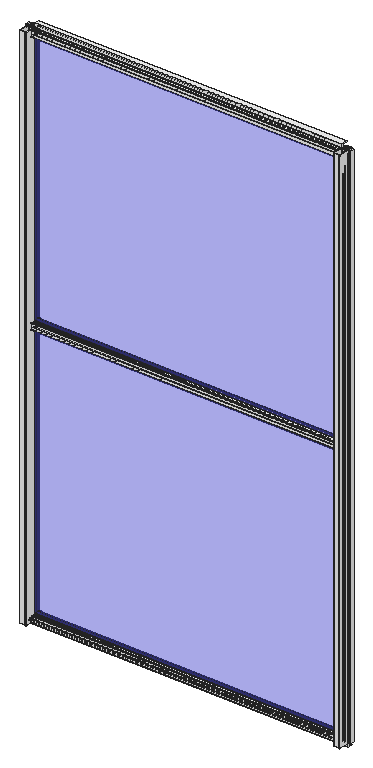
Revit family "Facade_60_Curtain_Wall_E12_Standard", category Windows, host Wall, Revit 2014 (continued)
Definition of nested family "F60 Horizontal Profile Middle_E12_Std"
  Forms (mm)
    Extrusion 5, solid, material <- "Thermal Break Material", visible <- "Single Glazing"
      sketch origin (0, 0, 0) x (0, 1, 0) y (0, 0, 1)
        loop
          line (-59.794, 28.506) -> (-59.006, 29.294)
          arc (-59.006, 29.294) -> (-58.788, 29.618) -> (-58.713, 30.001) r 0.986
          arc (-58.713, 30.001) -> (-58.79, 30.384) -> (-59.008, 30.71) r 1.007
          line (-59.008, 30.71) -> (-59.794, 31.496) -> (-60.65, 31.496)
          arc (-60.65, 31.496) -> (-61.004, 31.349) -> (-61.15, 30.996) r 0.5
          line (-61.15, 30.996) -> (-61.15, 29.006)
          arc (-61.15, 29.006) -> (-61.004, 28.652) -> (-60.65, 28.506) r 0.5
          line (-60.65, 28.506) -> (-59.794, 28.506)
        loop
          line (-47.854, 30.898) -> (-49.415, 31.653) -> (-56.782, 31.653)
          arc (-56.782, 31.653) -> (-57.207, 31.417) -> (-57.23, 30.932) r 0.5
          arc (-57.23, 30.932) -> (-57.013, 30.001) -> (-57.23, 29.07) r 2.099
          arc (-57.23, 29.07) -> (-57.207, 28.584) -> (-56.782, 28.348) r 0.5
          line (-56.782, 28.348) -> (-49.415, 28.348) -> (-48.055, 29.007)
          arc (-48.055, 29.007) -> (-47.35, 29.888) -> (-47.854, 30.898) r 1.047
      from 0 to 250 <- "Length"
    Extrusion 6, solid, material <- "Profile Material", visible <- "Single Glazing"
      sketch origin (0, 0, 0) x (0, 1, 0) y (0, 0, 1)
        loop
          line (-63.8, 52.694) -> (-64.8, 52.694) -> (-64.8, 51.544) -> (-66.05, 51.544) -> (-66.05, 57.044) -> (-64.8, 57.044) -> (-64.8, 55.894) -> (-63.8, 55.894) -> (-63.8, 58.294)
          arc (-63.8, 58.294) -> (-64.082, 58.803) -> (-64.664, 58.835) r 0.6
          line (-64.664, 58.835) -> (-66.562, 57.91) -> (-67.088, 58.988) -> (-68.05, 58.519) -> (-68.05, 48.513)
          arc (-68.05, 48.513) -> (-67.874, 48.089) -> (-67.45, 47.913) r 0.6
          line (-67.45, 47.913) -> (-66.6, 47.913) -> (-66.6, 12.09) -> (-67.45, 12.09)
          arc (-67.45, 12.09) -> (-67.874, 11.914) -> (-68.05, 11.49) r 0.6
          line (-68.05, 11.49) -> (-68.05, 1.485) -> (-67.088, 1.016) -> (-66.562, 2.095) -> (-64.663, 1.169)
          arc (-64.663, 1.169) -> (-64.082, 1.2) -> (-63.8, 1.709) r 0.6
          line (-63.8, 1.709) -> (-63.8, 4.109) -> (-64.8, 4.109) -> (-64.8, 2.959) -> (-66.05, 2.959) -> (-66.05, 8.459) -> (-64.8, 8.459) -> (-64.8, 7.309) -> (-63.8, 7.309) -> (-63.8, 27.674) -> (-62.4, 28.483) -> (-62.4, 31.521) -> (-63.8, 32.329) -> (-63.8, 52.694)
      from 0 to 250 <- "Length"
    Extrusion 7, solid, material <- "Profile Material", visible <- "Single Glazing"
      sketch origin (0, 0, 0) x (0, 1, 0) y (0, 0, 1)
        loop
          line (-68.551, 3.3) -> (-76.559, 3.3) -> (-76.559, 30) -> (-76.559, 56.15)
          arc (-76.559, 56.15) -> (-75.739, 58.13) -> (-73.759, 58.95) r 2.8
          line (-73.759, 58.95) -> (-69.151, 58.95) -> (-69.151, 57.2)
          arc (-69.151, 57.2) -> (-68.987, 56.829) -> (-68.601, 56.703) r 0.5
          arc (-68.601, 56.703) -> (-68.216, 56.829) -> (-68.051, 57.2) r 0.5
          line (-68.051, 57.2) -> (-68.051, 58.517) -> (-67.089, 58.986) -> (-66.563, 57.907) -> (-63.866, 59.222)
          arc (-63.866, 59.222) -> (-64.001, 59.762) -> (-64.504, 60) r 0.65
          line (-64.504, 60) -> (-73.859, 60)
          arc (-73.859, 60) -> (-76.687, 58.828) -> (-77.859, 56) r 4
          line (-77.859, 56) -> (-77.859, 30) -> (-77.859, 2.493)
          arc (-77.859, 2.493) -> (-77.197, 0.799) -> (-75.562, 0.002) r 2.5
          arc (-75.562, 0.002) -> (-75.182, 0.132) -> (-75.021, 0.5) r 0.5
          line (-75.021, 0.5) -> (-75.021, 2) -> (-69.151, 2) -> (-69.151, 0.5)
          arc (-69.151, 0.5) -> (-69.005, 0.146) -> (-68.651, 0) r 0.5
          line (-68.651, 0) -> (-64.504, 0)
          arc (-64.504, 0) -> (-64.001, 0.238) -> (-63.866, 0.778) r 0.65
          line (-63.866, 0.778) -> (-66.563, 2.093) -> (-67.089, 1.014) -> (-68.051, 1.483) -> (-68.051, 2.8)
          arc (-68.051, 2.8) -> (-68.198, 3.154) -> (-68.551, 3.3) r 0.5
      from 0 to 250 <- "Length"
    Extrusion 8, solid, material <- "Thermal Break Material", visible <- "Double Glazing"
      sketch origin (0, 0, 0) x (0, 1, 0) y (0, 0, 1)
        loop
          line (-77.8, 27.673) -> (-77.8, 25.751)
          arc (-77.8, 25.751) -> (-77.654, 25.397) -> (-77.3, 25.251) r 0.5
          line (-77.3, 25.251) -> (-59.8, 25.251)
          arc (-59.8, 25.251) -> (-59.446, 25.397) -> (-59.3, 25.751) r 0.5
          line (-59.3, 25.751) -> (-59.3, 27.647) -> (-49.599, 27.647) -> (-47.528, 28.649)
          arc (-47.528, 28.649) -> (-46.803, 29.999) -> (-47.528, 31.349) r 1.62
          line (-47.528, 31.349) -> (-49.602, 32.353) -> (-59.3, 32.353) -> (-59.3, 34.251)
          arc (-59.3, 34.251) -> (-59.446, 34.604) -> (-59.8, 34.751) r 0.5
          line (-59.8, 34.751) -> (-77.3, 34.751)
          arc (-77.3, 34.751) -> (-77.654, 34.604) -> (-77.8, 34.251) r 0.5
          line (-77.8, 34.251) -> (-77.8, 32.327) -> (-76.4, 31.52) -> (-76.4, 28.482) -> (-77.8, 27.673)
        loop
          line (-59.006, 30.708) -> (-61.156, 32.858)
          arc (-61.156, 32.858) -> (-61.48, 33.074) -> (-61.863, 33.151) r 1
          line (-61.863, 33.151) -> (-73.8, 33.151)
          arc (-73.8, 33.151) -> (-74.507, 32.858) -> (-74.8, 32.151) r 1
          line (-74.8, 32.151) -> (-74.8, 27.851)
          arc (-74.8, 27.851) -> (-74.507, 27.144) -> (-73.8, 26.851) r 1
          line (-73.8, 26.851) -> (-61.863, 26.851)
          arc (-61.863, 26.851) -> (-61.48, 26.927) -> (-61.156, 27.144) r 1
          line (-61.156, 27.144) -> (-59.006, 29.294)
          arc (-59.006, 29.294) -> (-58.788, 29.618) -> (-58.713, 30.001) r 0.986
          arc (-58.713, 30.001) -> (-58.79, 30.383) -> (-59.006, 30.708) r 1.007
        loop
          line (-56.782, 28.347) -> (-49.415, 28.347) -> (-48.055, 29.005)
          arc (-48.055, 29.005) -> (-47.35, 29.887) -> (-47.854, 30.896) r 1.047
          line (-47.854, 30.896) -> (-49.415, 31.652) -> (-56.782, 31.652)
          arc (-56.782, 31.652) -> (-57.207, 31.416) -> (-57.23, 30.93) r 0.5
          arc (-57.23, 30.93) -> (-57.013, 29.999) -> (-57.23, 29.068) r 2.099
          arc (-57.23, 29.068) -> (-57.207, 28.583) -> (-56.782, 28.347) r 0.5
      from 0 to 250 <- "Length"
    Extrusion 9, solid, material <- "Profile Material", visible <- "Double Glazing"
      sketch origin (0, 0, 0) x (0, 1, 0) y (0, 0, 1)
        loop
          line (-77.8, 52.694) -> (-78.8, 52.694) -> (-78.8, 51.544) -> (-80.05, 51.544) -> (-80.05, 57.044) -> (-78.8, 57.044) -> (-78.8, 55.894) -> (-77.8, 55.894) -> (-77.8, 58.294)
          arc (-77.8, 58.294) -> (-78.082, 58.802) -> (-78.664, 58.834) r 0.6
          line (-78.664, 58.834) -> (-80.562, 57.909) -> (-81.088, 58.988) -> (-82.05, 58.518) -> (-82.05, 48.512)
          arc (-82.05, 48.512) -> (-81.874, 48.088) -> (-81.45, 47.912) r 0.6
          line (-81.45, 47.912) -> (-80.6, 47.912) -> (-80.6, 12.089) -> (-81.45, 12.089)
          arc (-81.45, 12.089) -> (-81.874, 11.913) -> (-82.05, 11.489) r 0.6
          line (-82.05, 11.489) -> (-82.05, 1.484) -> (-81.088, 1.015) -> (-80.562, 2.094) -> (-78.663, 1.169)
          arc (-78.663, 1.169) -> (-78.082, 1.199) -> (-77.8, 1.708) r 0.6
          line (-77.8, 1.708) -> (-77.8, 4.108) -> (-78.8, 4.108) -> (-78.8, 2.958) -> (-80.05, 2.958) -> (-80.05, 8.458) -> (-78.8, 8.458) -> (-78.8, 7.308) -> (-77.8, 7.308) -> (-77.8, 27.673) -> (-76.4, 28.482) -> (-76.4, 31.52) -> (-77.8, 32.328) -> (-77.8, 52.694)
      from 0 to 250 <- "Length"
    Extrusion 10, solid, material <- "Profile Material", visible <- "Double Glazing"
      sketch origin (0, 0, 0) x (0, 1, 0) y (0, 0, 1)
        loop
          line (-82.551, 3.3) -> (-90.558, 3.3) -> (-90.558, 30) -> (-90.558, 56.15)
          arc (-90.558, 56.15) -> (-89.738, 58.13) -> (-87.758, 58.95) r 2.8
          line (-87.758, 58.95) -> (-83.151, 58.95) -> (-83.151, 57.2)
          arc (-83.151, 57.2) -> (-82.986, 56.829) -> (-82.601, 56.703) r 0.5
          arc (-82.601, 56.703) -> (-82.215, 56.829) -> (-82.051, 57.2) r 0.5
          line (-82.051, 57.2) -> (-82.051, 58.517) -> (-81.088, 58.986) -> (-80.563, 57.907) -> (-77.866, 59.222)
          arc (-77.866, 59.222) -> (-78, 59.762) -> (-78.503, 60) r 0.65
          line (-78.503, 60) -> (-87.858, 60)
          arc (-87.858, 60) -> (-90.687, 58.828) -> (-91.858, 56) r 4
          line (-91.858, 56) -> (-91.858, 30) -> (-91.858, 2.493)
          arc (-91.858, 2.493) -> (-91.196, 0.799) -> (-89.561, 0.002) r 2.5
          arc (-89.561, 0.002) -> (-89.182, 0.132) -> (-89.021, 0.5) r 0.5
          line (-89.021, 0.5) -> (-89.021, 2) -> (-83.151, 2) -> (-83.151, 0.5)
          arc (-83.151, 0.5) -> (-83.004, 0.146) -> (-82.651, 0) r 0.5
          line (-82.651, 0) -> (-78.503, 0)
          arc (-78.503, 0) -> (-78, 0.238) -> (-77.866, 0.778) r 0.65
          line (-77.866, 0.778) -> (-80.563, 2.093) -> (-81.088, 1.014) -> (-82.051, 1.483) -> (-82.051, 2.8)
          arc (-82.051, 2.8) -> (-82.197, 3.154) -> (-82.551, 3.3) r 0.5
      from 0 to 250 <- "Length"
  Dimensions and locks
    aligned and locked: level to plane 2
Types (49, lengths in mm): name | Windload Design | Width | Vertical Profile Length | Quarter Expansion Break | Overall Width | Overall Height | Mid Transom Bottom Gap | Max Pane Area | Sill Length | Length Sill | Intruderprufe U Value | Intruderprufe SHGC Value | Intruderprufe LowE U Value | Intruderprufe LowE SHGC Value | Intruderprufe Insulated U Value | Intruderprufe Insulated SHGC Value | Intruderprufe Insulated LowE U Value | Intruderprufe Insulated LowE SHGC Value | Horizontal Profile Length | Glazing Width | Glazing Height | Glazing Gap SG | Glazing Gap DG | DG Thickness Calc | DG Thickness | Height | SG Thickness | Custom Curtain Wall Width | Custom Curtain Wall Height | Custom Windload
  (no name) | 1000 | 2990 | 4960 | no | 2990 | 4990 | 2480 | 7.07344 m² | 2990 | 2990 | 5.76 | 0.744 | 3.99 | 0.651 | 2.91 | 0.639 | 0.22 | 0.576 | 2870 | 2910.4 | 2430.4 | 2 | 2 | 10 | 6 | 4990 | 10 | 2990 | 4990 | 1000
  F60-E12-0925-1000Pa | 1000 | 890 | 2460 | no | 1000 | 3000 | 1230 | 0.956596 m² | 890 | 890 | 5.75 | 0.646 | 4.51 | 0.567 | 3.27 | 0.558 | 2.7 | 0.503 | 770 | 810.4 | 1180.4 | 5 | 4 | 4 | 4 | 2490 | 4 | 890 | 2490 | 1000
  F60-E12-0925-1500Pa | 1500 | 890 | 2460 | no | 1000 | 3000 | 1230 | 0.956596 m² | 890 | 890 | 5.75 | 0.646 | 4.51 | 0.567 | 3.27 | 0.558 | 2.7 | 0.503 | 770 | 810.4 | 1180.4 | 5 | 4 | 4 | 4 | 2490 | 4 | 890 | 2490 | 1500
  F60-E12-0925-2000Pa | 2000 | 890 | 2460 | no | 1000 | 3000 | 1230 | 0.956596 m² | 890 | 890 | 5.75 | 0.646 | 4.51 | 0.567 | 3.27 | 0.558 | 2.7 | 0.503 | 770 | 810.4 | 1180.4 | 5 | 4 | 4 | 4 | 2490 | 4 | 890 | 2490 | 2000
  F60-E12-1225-1000Pa | 1000 | 1190 | 2460 | no | 1000 | 3000 | 1230 | 1.31072 m² | 1190 | 1190 | 5.76 | 0.67 | 4.4 | 0.587 | 3.19 | 0.578 | 2.58 | 0.521 | 1070 | 1110.4 | 1180.4 | 5 | 4 | 4 | 4 | 2490 | 4 | 1190 | 2490 | 1000
  F60-E12-1225-1500Pa | 1500 | 1190 | 2460 | no | 1000 | 3000 | 1230 | 1.31072 m² | 1190 | 1190 | 5.76 | 0.67 | 4.4 | 0.587 | 3.19 | 0.578 | 2.58 | 0.521 | 1070 | 1110.4 | 1180.4 | 5 | 4 | 4 | 4 | 2490 | 4 | 1190 | 2490 | 1500
  F60-E12-1225-2000Pa | 2000 | 1190 | 2460 | no | 1000 | 3000 | 1230 | 1.31072 m² | 1190 | 1190 | 5.76 | 0.67 | 4.4 | 0.587 | 3.19 | 0.578 | 2.58 | 0.521 | 1070 | 1110.4 | 1180.4 | 5 | 4 | 4 | 4 | 2490 | 4 | 1190 | 2490 | 2000
  F60-E12-1525-1000Pa | 1000 | 1490 | 2460 | no | 1000 | 3000 | 1230 | 1.66484 m² | 1490 | 1490 | 5.76 | 0.684 | 4.33 | 0.6 | 3.14 | 0.59 | 2.51 | 0.532 | 1370 | 1410.4 | 1180.4 | 4.5 | 4 | 4 | 4 | 2490 | 5 | 1490 | 2490 | 1000
  F60-E12-1525-1500Pa | 1500 | 1490 | 2460 | no | 1000 | 3000 | 1230 | 1.66484 m² | 1490 | 1490 | 5.76 | 0.684 | 4.33 | 0.6 | 3.14 | 0.59 | 2.51 | 0.532 | 1370 | 1410.4 | 1180.4 | 4.5 | 4 | 4 | 4 | 2490 | 5 | 1490 | 2490 | 1500
  F60-E12-1525-2000Pa | 2000 | 1490 | 2460 | no | 1000 | 3000 | 1230 | 1.66484 m² | 1490 | 1490 | 5.76 | 0.684 | 4.33 | 0.6 | 3.14 | 0.59 | 2.51 | 0.532 | 1370 | 1410.4 | 1180.4 | 4.5 | 4 | 4 | 4 | 2490 | 5 | 1490 | 2490 | 2000
  F60-E12-1825-1000Pa | 1000 | 1790 | 2460 | no | 1000 | 3000 | 1230 | 2.01896 m² | 1790 | 1790 | 5.77 | 0.694 | 4.28 | 0.608 | 3.11 | 0.598 | 2.47 | 0.539 | 1670 | 1710.4 | 1180.4 | 4.5 | 4 | 4 | 4 | 2490 | 5 | 1790 | 2490 | 1000
  F60-E12-1825-1500Pa | 1500 | 1790 | 2460 | no | 1000 | 3000 | 1230 | 2.01896 m² | 1790 | 1790 | 5.77 | 0.694 | 4.28 | 0.608 | 3.11 | 0.598 | 2.47 | 0.539 | 1670 | 1710.4 | 1180.4 | 4.5 | 4 | 4 | 4 | 2490 | 5 | 1790 | 2490 | 1500
  F60-E12-1825-2000Pa | 2000 | 1790 | 2460 | no | 1000 | 3000 | 1230 | 2.01896 m² | 1790 | 1790 | 5.77 | 0.694 | 4.28 | 0.608 | 3.11 | 0.598 | 2.47 | 0.539 | 1670 | 1710.4 | 1180.4 | 4.5 | 4 | 4 | 4 | 2490 | 5 | 1790 | 2490 | 2000
  F60-E12-2125-1000Pa | 1000 | 2090 | 2460 | no | 1000 | 3000 | 1230 | 2.37308 m² | 2090 | 2090 | 5.77 | 0.7 | 4.25 | 0.614 | 3.08 | 0.603 | 2.44 | 0.544 | 1970 | 2010.4 | 1180.4 | 3.8 | 3 | 5 | 5 | 2490 | 6.4 | 2090 | 2490 | 1000
  F60-E12-2125-1500Pa | 1500 | 2090 | 2460 | no | 1000 | 3000 | 1230 | 2.37308 m² | 2090 | 2090 | 5.77 | 0.7 | 4.25 | 0.614 | 3.08 | 0.603 | 2.44 | 0.544 | 1970 | 2010.4 | 1180.4 | 3.8 | 3 | 5 | 5 | 2490 | 6.4 | 2090 | 2490 | 1500
  F60-E12-2125-2000Pa | 2000 | 2090 | 2460 | no | 1000 | 3000 | 1230 | 2.37308 m² | 2090 | 2090 | 5.77 | 0.7 | 4.25 | 0.614 | 3.08 | 0.603 | 2.44 | 0.544 | 1970 | 2010.4 | 1180.4 | 3.8 | 3 | 5 | 5 | 2490 | 6.4 | 2090 | 2490 | 2000
  F60-E12-2425-1000Pa | 1000 | 2390 | 2460 | no | 1000 | 3000 | 1230 | 2.7272 m² | 2390 | 2390 | 5.77 | 0.706 | 4.23 | 0.618 | 3.07 | 0.607 | 2.41 | 0.547 | 2270 | 2310.4 | 1180.4 | 3.8 | 3 | 5 | 5 | 2490 | 6.4 | 2390 | 2490 | 1000
  F60-E12-2425-1500Pa | 1500 | 2390 | 2460 | no | 1000 | 3000 | 1230 | 2.7272 m² | 2390 | 2390 | 5.77 | 0.706 | 4.23 | 0.618 | 3.07 | 0.607 | 2.41 | 0.547 | 2270 | 2310.4 | 1180.4 | 3.8 | 3 | 5 | 5 | 2490 | 6.4 | 2390 | 2490 | 1500
  F60-E12-2425-2000Pa | 2000 | 2390 | 2460 | no | 1000 | 3000 | 1230 | 2.7272 m² | 2390 | 2390 | 5.77 | 0.706 | 4.23 | 0.618 | 3.07 | 0.607 | 2.41 | 0.547 | 2270 | 2310.4 | 1180.4 | 3.8 | 3 | 5 | 5 | 2490 | 6.4 | 2390 | 2490 | 2000
  F60-E12-2725-1000Pa | 1000 | 2690 | 2460 | no | 1000 | 3000 | 1230 | 3.08132 m² | 2690 | 2690 | 5.77 | 0.7063 | 4.23 | 0.618 | 3.07 | 0.607 | 2.41 | 0.547 | 2570 | 2610.4 | 1180.4 | 3 | 3 | 5 | 5 | 2490 | 8 | 2690 | 2490 | 1000
  F60-E12-2725-1500Pa | 1500 | 2690 | 2460 | no | 1000 | 3000 | 1230 | 3.08132 m² | 2690 | 2690 | 5.77 | 0.7063 | 4.23 | 0.618 | 3.07 | 0.607 | 2.41 | 0.547 | 2570 | 2610.4 | 1180.4 | 3 | 3 | 5 | 5 | 2490 | 8 | 2690 | 2490 | 1500
  F60-E12-2725-2000Pa | 2000 | 2690 | 2460 | no | 1000 | 3000 | 1230 | 3.08132 m² | 2690 | 2690 | 5.77 | 0.7063 | 4.23 | 0.618 | 3.07 | 0.607 | 2.41 | 0.547 | 2570 | 2610.4 | 1180.4 | 3 | 3 | 5 | 5 | 2490 | 8 | 2690 | 2490 | 2000
  F60-E12-3025-1000Pa | 1000 | 2990 | 2460 | no | 1000 | 3000 | 1230 | 3.43544 m² | 2990 | 2990 | 5.77 | 0.713 | 4.2 | 0.624 | 3.04 | 0.613 | 2.38 | 0.553 | 2870 | 2910.4 | 1180.4 | 3 | 2 | 6 | 6 | 2490 | 8 | 2990 | 2490 | 1000
  F60-E12-3025-1500Pa | 1500 | 2990 | 2460 | no | 1000 | 3000 | 1230 | 3.43544 m² | 2990 | 2990 | 5.77 | 0.713 | 4.2 | 0.624 | 3.04 | 0.613 | 2.38 | 0.553 | 2870 | 2910.4 | 1180.4 | 3 | 2 | 6 | 6 | 2490 | 8 | 2990 | 2490 | 1500
  F60-E12-3025-2000Pa | 2000 | 2990 | 2460 | no | 2990 | 2490 | 1230 | 3.43544 m² | 2990 | 2990 | 5.77 | 0.713 | 4.2 | 0.624 | 3.04 | 0.613 | 2.38 | 0.553 | 2870 | 2910.4 | 1180.4 | 3 | 2 | 6 | 6 | 2490 | 8 | 2990 | 2490 | 2000
  F60-E12-0950-1000Pa | 1000 | 890 | 4960 | no | 1000 | 3000 | 2480 | 1.9696 m² | 890 | 890 | 5.73 | 0.674 | 4.35 | 0.591 | 3.16 | 0.581 | 2.55 | 0.524 | 770 | 810.4 | 2430.4 | 4.5 | 4 | 4 | 4 | 4990 | 5 | 890 | 4990 | 1000
  F60-E12-0950-1500Pa | 1500 | 890 | 4960 | no | 1000 | 3000 | 2480 | 1.9696 m² | 890 | 890 | 5.73 | 0.674 | 4.35 | 0.591 | 3.16 | 0.581 | 2.55 | 0.524 | 770 | 810.4 | 2430.4 | 4.5 | 4 | 4 | 4 | 4990 | 5 | 890 | 4990 | 1500
  F60-E12-0950-2000Pa | 2000 | 890 | 4960 | no | 1000 | 3000 | 2480 | 1.9696 m² | 890 | 890 | 5.73 | 0.674 | 4.35 | 0.591 | 3.16 | 0.581 | 2.55 | 0.524 | 770 | 810.4 | 2430.4 | 4.5 | 4 | 4 | 4 | 4990 | 5 | 890 | 4990 | 2000
  F60-E12-1250-1000Pa | 1000 | 1190 | 4960 | no | 1000 | 3000 | 2480 | 2.69872 m² | 1190 | 1190 | 5.74 | 0.699 | 4.22 | 0.613 | 3.07 | 0.602 | 2.42 | 0.543 | 1070 | 1110.4 | 2430.4 | 3.8 | 3 | 5 | 5 | 4990 | 6.4 | 1190 | 4990 | 1000
  F60-E12-1250-1500Pa | 1500 | 1190 | 4960 | no | 1000 | 3000 | 2480 | 2.69872 m² | 1190 | 1190 | 5.74 | 0.699 | 4.22 | 0.613 | 3.07 | 0.602 | 2.42 | 0.543 | 1070 | 1110.4 | 2430.4 | 3.8 | 3 | 5 | 5 | 4990 | 6.4 | 1190 | 4990 | 1500
  F60-E12-1250-2000Pa | 2000 | 1190 | 4960 | no | 1000 | 3000 | 2480 | 2.69872 m² | 1190 | 1190 | 5.74 | 0.699 | 4.22 | 0.613 | 3.07 | 0.602 | 2.42 | 0.543 | 1070 | 1110.4 | 2430.4 | 3.8 | 3 | 5 | 5 | 4990 | 6.4 | 1190 | 4990 | 2000
  F60-E12-1550-1000Pa | 1000 | 1490 | 4960 | no | 1000 | 3000 | 2480 | 3.42784 m² | 1490 | 1490 | 5.74 | 0.714 | 4.14 | 0.626 | 6.02 | 0.615 | 2.35 | 0.554 | 1370 | 1410.4 | 2430.4 | 3 | 2 | 6 | 6 | 4990 | 8 | 1490 | 4990 | 1000
  F60-E12-1550-1500Pa | 1500 | 1490 | 4960 | no | 1000 | 3000 | 2480 | 3.42784 m² | 1490 | 1490 | 5.74 | 0.714 | 4.14 | 0.626 | 6.02 | 0.615 | 2.35 | 0.554 | 1370 | 1410.4 | 2430.4 | 3 | 2 | 6 | 6 | 4990 | 8 | 1490 | 4990 | 1500
  F60-E12-1550-2000Pa | 2000 | 1490 | 4960 | no | 1000 | 3000 | 2480 | 3.42784 m² | 1490 | 1490 | 5.74 | 0.714 | 4.14 | 0.626 | 6.02 | 0.615 | 2.35 | 0.554 | 1370 | 1410.4 | 2430.4 | 3 | 2 | 6 | 6 | 4990 | 8 | 1490 | 4990 | 2000
  F60-E12-1850-1000Pa | 1000 | 1790 | 4960 | no | 1000 | 3000 | 2480 | 4.15696 m² | 1790 | 1790 | 5.758 | 0.724 | 4.09 | 0.634 | 2.98 | 0.623 | 2.3 | 0.561 | 1670 | 1710.4 | 2430.4 | 3 | 2 | 6 | 6 | 4990 | 8 | 1790 | 4990 | 1000
  F60-E12-1850-1500Pa | 1500 | 1790 | 4960 | no | 1000 | 3000 | 2480 | 4.15696 m² | 1790 | 1790 | 5.758 | 0.724 | 4.09 | 0.634 | 2.98 | 0.623 | 2.3 | 0.561 | 1670 | 1710.4 | 2430.4 | 3 | 2 | 6 | 6 | 4990 | 8 | 1790 | 4990 | 1500
  F60-E12-1850-2000Pa | 2000 | 1790 | 4960 | no | 1000 | 3000 | 2480 | 4.15696 m² | 1790 | 1790 | 5.758 | 0.724 | 4.09 | 0.634 | 2.98 | 0.623 | 2.3 | 0.561 | 1670 | 1710.4 | 2430.4 | 3 | 2 | 6 | 6 | 4990 | 8 | 1790 | 4990 | 2000
  F60-E12-2150-1000Pa | 1000 | 2090 | 4960 | no | 1000 | 3000 | 2480 | 4.88608 m² | 2090 | 2090 | 5.75 | 0.731 | 4.06 | 0.64 | 2.96 | 0.629 | 2.27 | 0.567 | 1970 | 2010.4 | 2430.4 | 2 | 2 | 8 | 6 | 4990 | 10 | 2090 | 4990 | 1000
  F60-E12-2150-1500Pa | 1500 | 2090 | 4960 | no | 1000 | 3000 | 2480 | 4.88608 m² | 2090 | 2090 | 5.75 | 0.731 | 4.06 | 0.64 | 2.96 | 0.629 | 2.27 | 0.567 | 1970 | 2010.4 | 2430.4 | 2 | 2 | 8 | 6 | 4990 | 10 | 2090 | 4990 | 1500
  F60-E12-2150-2000Pa | 2000 | 2090 | 4960 | no | 1000 | 3000 | 2480 | 4.88608 m² | 2090 | 2090 | 5.75 | 0.731 | 4.06 | 0.64 | 2.96 | 0.629 | 2.27 | 0.567 | 1970 | 2010.4 | 2430.4 | 2 | 2 | 8 | 6 | 4990 | 10 | 2090 | 4990 | 2000
  F60-E12-2450-1000Pa | 1000 | 2390 | 4960 | no | 1000 | 3000 | 2480 | 5.6152 m² | 2390 | 2390 | 5.75 | 0.737 | 4.03 | 0.645 | 2.94 | 0.633 | 2.24 | 0.57 | 2270 | 2310.4 | 2430.4 | 2 | 2 | 8 | 6 | 4990 | 10 | 2390 | 4990 | 1000
  F60-E12-2450-1500Pa | 1500 | 2390 | 4960 | no | 1000 | 3000 | 2480 | 5.6152 m² | 2390 | 2390 | 5.75 | 0.737 | 4.03 | 0.645 | 2.94 | 0.633 | 2.24 | 0.57 | 2270 | 2310.4 | 2430.4 | 2 | 2 | 8 | 6 | 4990 | 10 | 2390 | 4990 | 1500
  F60-E12-2450-2000Pa | 2000 | 2390 | 4960 | no | 1000 | 3000 | 2480 | 5.6152 m² | 2390 | 2390 | 5.75 | 0.737 | 4.03 | 0.645 | 2.94 | 0.633 | 2.24 | 0.57 | 2270 | 2310.4 | 2430.4 | 2 | 2 | 8 | 6 | 4990 | 10 | 2390 | 4990 | 2000
  F60-E12-2750-1000Pa | 1000 | 2690 | 4960 | no | 1000 | 3000 | 2480 | 6.34432 m² | 2690 | 2690 | 5.75 | 0.737 | 4.03 | 0.645 | 2.94 | 0.633 | 2.24 | 0.57 | 2570 | 2610.4 | 2430.4 | 2 | 2 | 8 | 6 | 4990 | 10 | 2690 | 4990 | 1000
  F60-E12-2750-1500Pa | 1500 | 2690 | 4960 | no | 1000 | 3000 | 2480 | 6.34432 m² | 2690 | 2690 | 5.75 | 0.737 | 4.03 | 0.645 | 2.94 | 0.633 | 2.24 | 0.57 | 2570 | 2610.4 | 2430.4 | 2 | 2 | 8 | 6 | 4990 | 10 | 2690 | 4990 | 1500
  F60-E12-2750-2000Pa | 2000 | 2690 | 4960 | no | 1000 | 3000 | 2480 | 6.34432 m² | 2690 | 2690 | 5.75 | 0.737 | 4.03 | 0.645 | 2.94 | 0.633 | 2.24 | 0.57 | 2570 | 2610.4 | 2430.4 | 2 | 2 | 8 | 6 | 4990 | 10 | 2690 | 4990 | 2000
  F60-E12-3050-1000Pa | 1000 | 2990 | 4960 | no | 1000 | 3000 | 2480 | 7.07344 m² | 2990 | 2990 | 5.76 | 0.744 | 3.99 | 0.651 | 2.91 | 0.639 | 0.22 | 0.576 | 2870 | 2910.4 | 2430.4 | 2 | 2 | 10 | 6 | 4990 | 10 | 2990 | 4990 | 1000
  F60-E12-3050-1500Pa | 1000 | 2990 | 4960 | no | 2990 | 4990 | 2480 | 7.07344 m² | 2990 | 2990 | 5.76 | 0.744 | 3.99 | 0.651 | 2.91 | 0.639 | 0.22 | 0.576 | 2870 | 2910.4 | 2430.4 | 2 | 2 | 10 | 6 | 4990 | 10 | 2990 | 4990 | 1000
  F60-E12-3050-2000Pa | 1000 | 2990 | 4960 | yes | 2990 | 4990 | 2480 | 7.07344 m² | 2990 | 2990 | 5.76 | 0.744 | 3.99 | 0.651 | 2.91 | 0.639 | 0.22 | 0.576 | 2870 | 2910.4 | 2430.4 | 2 | 2 | 10 | 6 | 4990 | 10 | 2990 | 4990 | 1000
